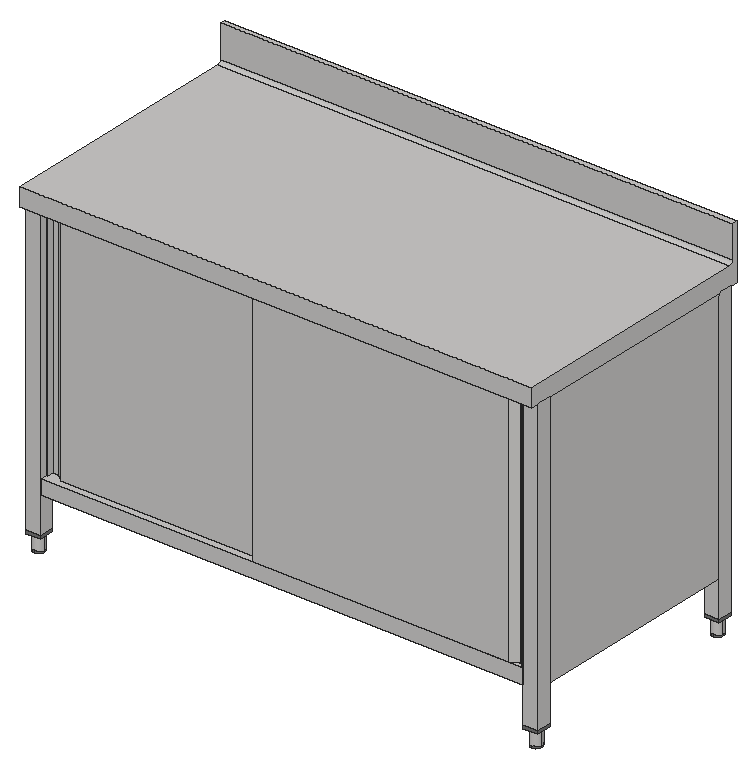
Revit family "QF_ELECTROLUXPROFESSIONAL_134035_GTN1410E", category Attrezzature speciali, Revit 2020
Family settings
  Quota connettore circolare = Usa diametro
  Tipo di parte = Normale
  Basato su piano di lavoro = No
  Sempre verticale = Sì
  Taglio con vuoti quando caricato = No
  Condiviso = No
  Punto di calcolo locali = No
Parameters (values of type "Standard")
  Weight = 75.50 kg
  Watts = 0 W
  Volts = 0 V
  URL Manufacturer = "https://www.electroluxprofessional.com/"
  URL = "https://www.electroluxprofessional.com/"
  Steam Supply Size = 0 mm
  Steam Supply Minimum Pressure = 0.0 Pa
  Steam Supply Maximum Pressure = 0.0 Pa
  Steam Consumption per Hour = 0
  Refrigeration Suction Line Size = 0.0 mm
  Refrigeration Liquid Line Size = 0.0 mm
  Refrigerant Compressor Remote = yes
  Prospetto di default = 0.0 mm
  Produttore = "Electrolux Professional"
  Phase = 0
  Modello = "GTN1410E"
  Length Actual = 1400.0 mm  # constant formula
  Item Number = "134035"
  Hot Water Size = 0 mm
  Height Actual = 1000.0 mm  # constant formula
  HP = "0 HP"
  Gas Size = 0 mm
  Gas KW = 0
  Gas Input Pressure = 0 W
  Direct Waste Size = 0 mm
  Descrizione = "WORKTOP CUPBOARD WITH UPSTAND 1400MM"
  Depth Actual = 700.0 mm  # constant formula
  Cycle = 0 Hz
  Condensate Return Size = 0 mm
  Compressed Air Volume = 0.0 L/s
  Compressed Air Size = 0 mm
  Compressed Air Pressure = 0.0 Pa
  Cold Water Size = 0 mm
  Accessory = yes
Reference planes
  plane 1 "Center (Front/Back)": y = 0
  plane 2: z = 0
  plane 3 "Center (Left/Right)": x = -200
  plane 4 "LEFT": x = -900
  plane 5 "RIGHT": x = 500
  plane 6 "BACK": y = 350
  plane 7 "FRONT": y = -350
  plane 8 "Base": z = 850
  plane 9 "TOP": z = 900
  plane 10: x = -880
  plane 11: x = 480
  plane 12: y = 310
  plane 13: y = -310
  plane 14 "BodyLeft": x = -900
  plane 15 "BodyFront": y = -330
  plane 16 "BodyRight": x = 500
  plane 17 "BodyBack": y = 330
  plane 18 "FEET": z = 150
  plane 19: x = -120
  plane 20: x = -280
Forms (mm)
  Extrusion 1, solid, material "QF_Finishes_Stainless Steel"
    sketch origin (-200, 0, 0) x (0, 1, 0) y (0, 0, 1)
      loop
        line (-350, 850) -> (350, 850) -> (350, 1000) -> (337, 1000) -> (337, 910)
        arc (337, 910) -> (334.071, 902.929) -> (327, 900) r 10
        line (327, 900) -> (-350, 900) -> (-350, 850)
    from 700 to -700
  Extrusion 2, solid, material "QF_Finishes_Stainless Steel"
    sketch origin (0, 0, 150) x (-1, 0, 0) y (0, -1, 0)
      loop
        line (900, -290) -> (900, 290) -> (860, 290) -> (860, -290) -> (900, -290)
      loop
        line (-460, -290) -> (-460, 290) -> (-500, 290) -> (-500, -290) -> (-460, -290)
    from 0 to 700
  Extrusion 3, solid, material "QF_Finishes_Stainless Steel"
    sketch origin (0, 0, 150) x (-1, 0, 0) y (0, -1, 0)
      loop
        line (860, -290) -> (860, 330) -> (-460, 330) -> (-460, -290) -> (860, -290)
    from 0 to 40
  Extrusion 4, solid, material "QF_Finishes_Stainless Steel"
    sketch origin (0, 0, 150) x (-1, 0, 0) y (0, -1, 0)
      loop
        line (860, -290) -> (-460, -290) -> (-460, -330) -> (860, -330) -> (860, -290)
    from 0 to 700
  Extrusion 5, solid, material "QF_Finishes_Stainless Steel"
    sketch origin (0, 0, 150) x (-1, 0, 0) y (0, -1, 0)
      loop
        line (-460, 330) -> (-460, 310) -> (280, 310) -> (280, 330) -> (-420, 330) -> (-440, 315) -> (-455, 315) -> (-455, 330) -> (-460, 330)
    from 40 to 700
  Extrusion 6, solid, material "QF_Finishes_Stainless Steel"
    sketch origin (0, 20, 150) x (1, 0, 0) y (0, 1, 0)
      loop
        line (-860, -330) -> (-855, -330) -> (-855, -315) -> (-840, -315) -> (-820, -330) -> (-120, -330) -> (-120, -310) -> (-860, -310) -> (-860, -330)
    from 40 to 700
  Extrusion 7, solid, material "QF_Finishes_Stainless Steel"
    sketch origin (0, 0, 150) x (-1, 0, 0) y (0, -1, 0)
      loop
        line (860, 290) -> (-460, 290) -> (-460, -290) -> (860, -290) -> (860, 290)
    from 350 to 390
Lines and regions (mm)
  symbolic lines
    curve 1: line (500, 350, 900) -> (-900, 350, 900)
    curve 2: line (-900, 350, 900) -> (-900, -350, 900)
    curve 3: line (-900, -350, 900) -> (500, -350, 900)
    curve 4: line (500, -350, 900) -> (500, 350, 900)
    curve 5: line (-900, 337, 900) -> (500, 337, 900)
  symbolic lines, style "SpecialityEquipmentHiddenLines"
    curve 6: line (-900, 330, 150) -> (500, 330, 150)
    curve 7: line (-900, -330, 150) -> (-900, 330, 150)
    curve 8: line (500, -330, 150) -> (-900, -330, 150)
    curve 9: line (500, 330, 150) -> (500, -330, 150)
    curve 10: line (-860, -290, 150) -> (-120, -290, 150)
    curve 11: line (-120, -290, 150) -> (-120, -310, 150)
    curve 12: line (-860, -310, 150) -> (460, -310, 150)
    curve 13: line (460, -310, 150) -> (460, -330, 150)
    curve 14: line (-280, -310, 150) -> (-280, -330, 150)
    curve 15: line (-860, -290, 150) -> (-860, -310, 150)
Dimensions and locks
  plane 4 "LEFT" to plane 5 "RIGHT" = 1400.0 mm
  equal spacing: plane 4 "LEFT", plane 3 "Center (Left/Right)", plane 5 "RIGHT"
  locked: plane 8 "Base" to level at 850
  plane 9 "TOP" to level = 900.0 mm
  plane 6 "BACK" to plane 7 "FRONT" = 700.0 mm
  equal spacing: plane 6 "BACK", plane 1 "Center (Front/Back)", plane 7 "FRONT"
  locked: plane 4 "LEFT" to plane 14 "BodyLeft"
  locked: plane 16 "BodyRight" to plane 5 "RIGHT"
  locked: plane 15 "BodyFront" to plane 7 "FRONT" at 20
  locked: plane 6 "BACK" to plane 17 "BodyBack" at 20
  locked: plane 14 "BodyLeft" to plane 10 at 20
  locked: plane 11 to plane 16 "BodyRight" at 20
  locked: plane 13 to plane 15 "BodyFront" at 20
  locked: plane 17 "BodyBack" to plane 12 at 20
  plane 10 to plane 11 = 1360.0 mm
  plane 12 to plane 13 = 620.0 mm
  locked: plane 14 "BodyLeft" to Extrusion 2 sketch curve at 40
  Extrusion 2 sketch curve to Extrusion 2 sketch curve = 40.0 mm
  locked: plane 3 "Center (Left/Right)" to plane 19 at 80
  locked: plane 20 to plane 3 "Center (Left/Right)" at 80
  locked: plane 18 "FEET" to plane 2 at 150
  Extrusion 1 to level = 1000.0 mm
  aligned and locked: level to plane 2
  aligned and locked: plane 10 to nested 1
  aligned and locked: nested 1 to plane 13
  aligned and locked: plane 11 to nested 2
  aligned and locked: nested 2 to plane 13
  aligned and locked: plane 11 to nested 4
  aligned and locked: nested 4 to plane 12
  aligned and locked: plane 10 to nested 3
  aligned and locked: nested 3 to plane 12
  aligned and locked: Extrusion 1 to plane 4 "LEFT"
  aligned and locked: plane 5 "RIGHT" to Extrusion 1
  aligned and locked: curve 2 to plane 4 "LEFT"
  aligned and locked: Extrusion 2 sketch curve to plane 14 "BodyLeft"
  aligned and locked: plane 16 "BodyRight" to Extrusion 2 sketch curve
  aligned and locked: plane 8 "Base" to Extrusion 2
  aligned and locked: plane 8 "Base" to Extrusion 5
  aligned and locked: Extrusion 5 to Extrusion 3
  aligned and locked: Extrusion 6 sketch curve to plane 19
  aligned and locked: Extrusion 5 sketch curve to plane 20
  aligned and locked: Extrusion 1 to plane 8 "Base"
  aligned and locked: plane 9 "TOP" to Extrusion 1
  aligned and locked: curve 6 to plane 17 "BodyBack"
  aligned and locked: plane 14 "BodyLeft" to curve 7
  aligned and locked: plane 15 "BodyFront" to curve 8
  aligned and locked: plane 16 "BodyRight" to curve 9
  aligned and locked: Extrusion 3 sketch curve to Extrusion 2  (x2)
  aligned and locked: Extrusion 2 to Extrusion 4 sketch curve  (x2)
  aligned and locked: curve 8 to Extrusion 3 sketch curve
  aligned and locked: Extrusion 3 sketch curve to Extrusion 4
  aligned and locked: Extrusion 4 to plane 18 "FEET"
Automatic sketch dimensions
  Extrusion 5 sketch curve to plane 15 "BodyFront" = 0.0 mm  (x2)
  Extrusion 5 sketch curve to plane 11 = 20.0 mm
  Extrusion 5 sketch curve to Extrusion 5 sketch curve = 5.0 mm
  Extrusion 5 sketch curve to Extrusion 5 sketch curve = 15.0 mm
  Extrusion 5 sketch curve to Extrusion 5 sketch curve = 20.0 mm
  plane 15 "BodyFront" to Extrusion 5 sketch curve = 15.0 mm
  plane 15 "BodyFront" to Extrusion 5 sketch curve = 20.0 mm
  Extrusion 6 sketch curve to plane 15 "BodyFront" = 20.0 mm  (x2)
  Extrusion 6 sketch curve to plane 10 = 20.0 mm
  Extrusion 6 sketch curve to Extrusion 6 sketch curve = 5.0 mm
  Extrusion 6 sketch curve to Extrusion 6 sketch curve = 15.0 mm
  Extrusion 6 sketch curve to Extrusion 6 sketch curve = 20.0 mm  (x2)
  Extrusion 6 sketch curve to plane 15 "BodyFront" = 35.0 mm
  curve 11 to plane 19 = 0.0 mm
  curve 14 to plane 20 = 0.0 mm
  curve 12 to plane 11 = 20.0 mm
  plane 15 "BodyFront" to curve 10 = 40.0 mm
  curve 13 to curve 13 = 20.0 mm
  plane 10 to curve 15 = 20.0 mm
  Extrusion 4 sketch curve to plane 12 = 20.0 mm
  plane 13 to Extrusion 2 sketch curve = 20.0 mm  (x2)
  Extrusion 2 sketch curve to plane 12 = 20.0 mm  (x2)
  Extrusion 4 sketch curve to plane 17 "BodyBack" = 0.0 mm
  Extrusion 7 sketch curve to plane 11 = 20.0 mm
  plane 10 to Extrusion 7 sketch curve = 20.0 mm
  Extrusion 7 sketch curve to plane 12 = 20.0 mm
  plane 13 to Extrusion 7 sketch curve = 20.0 mm
  curve 3 to plane 7 "FRONT" = 0.0 mm
  curve 5 to plane 5 "RIGHT" = 0.0 mm
  curve 4 to plane 6 "BACK" = 0.0 mm
  plane 17 "BodyBack" to curve 5 = 7.0 mm
  Extrusion 1 sketch curve to plane 7 "FRONT" = 0.0 mm
  Extrusion 1 sketch curve to plane 9 "TOP" = 0.0 mm
  Extrusion 1 sketch curve to plane 6 "BACK" = 0.0 mm
  Extrusion 1 sketch curve to plane 8 "Base" = 0.0 mm
  Extrusion 1 sketch curve to plane 17 "BodyBack" = 3.0 mm
  plane 17 "BodyBack" to Extrusion 1 sketch curve = 7.0 mm
  Extrusion 1 sketch curve to Extrusion 1 sketch curve = 90.0 mm
Nested families
  nested 1: "FEET_40x40_APP50" at (-880, -310, 0), type "FEET_40x40_APP50"
  nested 2: "FEET_40x40_APP50" at (480, -310, 0), type "FEET_40x40_APP50"
  nested 3: "FEET_40x40_APP50" at (-880, 310, 0), type "FEET_40x40_APP50"
  nested 4: "FEET_40x40_APP50" at (480, 310, 0), type "FEET_40x40_APP50"
Definition of nested family "FEET_40x40_APP50"
  Parameters
    Default Elevation = 0.0 mm
    FEET = 850.0 mm
  Reference planes
    plane 1 "Center (Front/Back)": y = 0
    plane 2: z = 0
    plane 3 "Center (Left/Right)": x = 0
    plane 4: z = 850
  Forms (mm)
    Extrusion 1, solid
      sketch origin (0, 0, 0) x (1, 0, 0) y (0, 1, 0)
        loop
          line (-20, -20) -> (20, -20) -> (20, 20) -> (-20, 20) -> (-20, -20)
      from 50 to 850
    Extrusion 2, solid
      sketch origin (0, 0, 0) x (1, 0, 0) y (0, 1, 0)
        loop
          circle (0, 0) r 15
      from 0 to 5
    Extrusion 3, solid
      sketch origin (0, 0, 0) x (1, 0, 0) y (0, 1, 0)
        loop
          line (-20, -20) -> (20, -20) -> (20, 20) -> (-20, 20) -> (-20, -20)
      from 50 to 42
    Extrusion 4, solid
      sketch origin (0, 0, 0) x (1, 0, 0) y (0, 1, 0)
        loop
          circle (0, 0) r 15
      from 5 to 42
  Lines and regions (mm)
    symbolic lines
      curve 1: line (0, -1.503, 0) -> (0, 1.508, 0)
      curve 2: line (1.561, 0, 0) -> (-1.439, 0, 0)
  Dimensions and locks
    "FEET": plane 4 to plane 2
    aligned and locked: level to plane 2
  Automatic sketch dimensions
    plane 1 "Center (Front/Back)" to curve 2 = 0.0 mm
    curve 1 to plane 3 "Center (Left/Right)" = 0.0 mm
    curve 2 to plane 3 "Center (Left/Right)" = 1.439 mm
    plane 3 "Center (Left/Right)" to curve 2 = 1.561 mm
    plane 1 "Center (Front/Back)" to curve 1 = 1.503 mm
    curve 1 to plane 1 "Center (Front/Back)" = 1.508 mm
    Extrusion 1 sketch curve to plane 3 "Center (Left/Right)" = 20.0 mm
    plane 3 "Center (Left/Right)" to Extrusion 1 sketch curve = 20.0 mm
    plane 1 "Center (Front/Back)" to Extrusion 1 sketch curve = 20.0 mm
    Extrusion 1 sketch curve to plane 1 "Center (Front/Back)" = 20.0 mm
    plane 1 "Center (Front/Back)" to Extrusion 2 sketch curve = 0.0 mm
    Extrusion 2 sketch curve to plane 3 "Center (Left/Right)" = 0.0 mm
    Extrusion 3 sketch curve to plane 3 "Center (Left/Right)" = 20.0 mm
    plane 3 "Center (Left/Right)" to Extrusion 3 sketch curve = 20.0 mm
    plane 1 "Center (Front/Back)" to Extrusion 3 sketch curve = 20.0 mm
    Extrusion 3 sketch curve to plane 1 "Center (Front/Back)" = 20.0 mm
    plane 1 "Center (Front/Back)" to Extrusion 4 sketch curve = 0.0 mm
    Extrusion 4 sketch curve to plane 3 "Center (Left/Right)" = 0.0 mm
    radius of Extrusion 2 sketch curve = 15.0 mm
    radius of Extrusion 4 sketch curve = 15.0 mm
